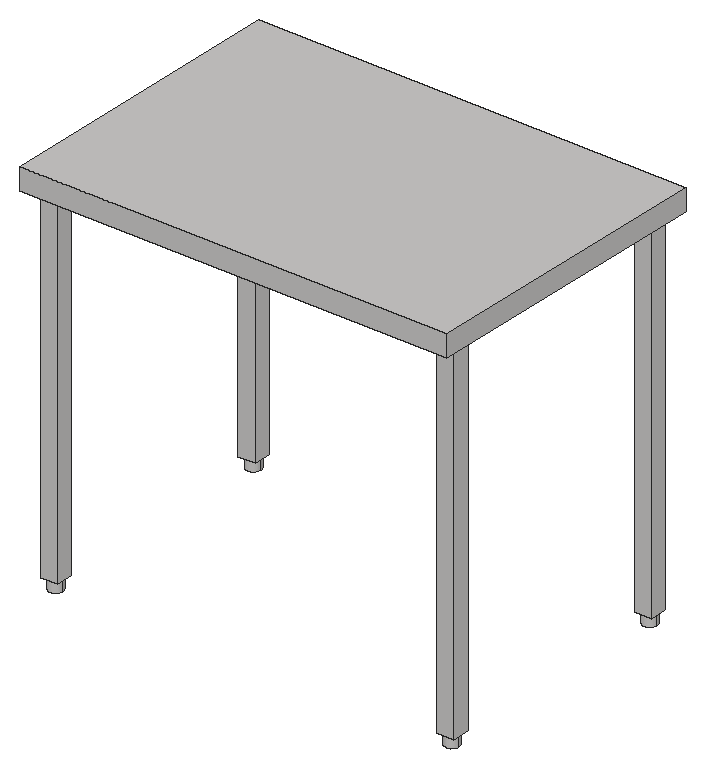
Revit family "QF_ELECTROLUXPROFESSIONAL_132839_WTD1007N", category Attrezzature speciali, Revit 2020
Family settings
  Quota connettore circolare = Usa diametro
  Tipo di parte = Normale
  Basato su piano di lavoro = No
  Sempre verticale = Sì
  Taglio con vuoti quando caricato = No
  Condiviso = No
  Punto di calcolo locali = No
Parameters (values of type "Standard")
  Weight = 37.00 kg
  Watts = 0 W
  Volts = 0 V
  URL Manufacturer = "https://www.electroluxprofessional.com/"
  URL = "https://www.electroluxprofessional.com/"
  Steam Supply Size = 0 mm
  Steam Supply Minimum Pressure = 0.0 Pa
  Steam Supply Maximum Pressure = 0.0 Pa
  Steam Consumption per Hour = 0
  Refrigeration Suction Line Size = 0.0 mm
  Refrigeration Liquid Line Size = 0.0 mm
  Refrigerant Compressor Remote = yes
  Prospetto di default = 0.0 mm
  Produttore = "Electrolux Professional"
  Phase = 0
  Modello = "WTD1007N"
  Length Actual = 1000.0 mm  # constant formula
  Item Number = "132839"
  Hot Water Size = 0 mm
  Height Actual = 900.0 mm  # constant formula
  HP = "0 HP"
  Gas Size = 0 mm
  Gas KW = 0
  Gas Input Pressure = 0 W
  Direct Waste Size = 0 mm
  Descrizione = "WORK TABLE-DISASSEMBLED 1000MM"
  Depth Actual = 700.0 mm  # constant formula
  Cycle = 0 Hz
  Condensate Return Size = 0 mm
  Compressed Air Volume = 0.0 L/s
  Compressed Air Size = 0 mm
  Compressed Air Pressure = 0.0 Pa
  Cold Water Size = 0 mm
  Accessory = yes
Reference planes
  plane 1 "Center (Front/Back)": y = 0
  plane 2: z = 0
  plane 3 "Center (Left/Right)": x = 0
  plane 4 "LEFT": x = -500
  plane 5 "RIGHT": x = 500
  plane 6 "BACK": y = 350
  plane 7 "FRONT": y = -350
  plane 8 "Base": z = 850
  plane 9 "TOP": z = 900
  plane 10: x = -464.5
  plane 11: x = 464.5
  plane 12: y = 290
  plane 13: y = -290
Forms (mm)
  Extrusion 1, solid, material "QF_Finishes_Stainless Steel"
    sketch origin (0, 0, 0) x (0, 1, 0) y (0, 0, 1)
      loop
        line (-350, 850) -> (350, 850) -> (350, 900) -> (-350, 900) -> (-350, 850)
    from 500 to -500
Lines and regions (mm)
  symbolic lines
    curve 1: line (500, 350, 900) -> (-500, 350, 900)
    curve 2: line (-500, 350, 900) -> (-500, -350, 900)
    curve 3: line (-500, -350, 900) -> (500, -350, 900)
    curve 4: line (500, -350, 900) -> (500, 350, 900)
Dimensions and locks
  plane 4 "LEFT" to plane 5 "RIGHT" = 1000.0 mm
  equal spacing: plane 4 "LEFT", plane 3 "Center (Left/Right)", plane 5 "RIGHT"
  locked: plane 8 "Base" to level at 850
  plane 4 "LEFT" to plane 10 = 35.5 mm
  plane 11 to plane 5 "RIGHT" = 35.5 mm
  plane 10 to plane 11 = 929.0 mm
  locked: plane 9 "TOP" to level at 900
  plane 6 "BACK" to plane 12 = 60.0 mm
  plane 13 to plane 7 "FRONT" = 60.0 mm
  plane 6 "BACK" to plane 7 "FRONT" = 700.0 mm
  plane 12 to plane 13 = 580.0 mm
  equal spacing: plane 6 "BACK", plane 1 "Center (Front/Back)", plane 7 "FRONT"
  aligned and locked: level to plane 2
  aligned and locked: plane 10 to nested 1
  aligned and locked: nested 1 to plane 13
  aligned and locked: plane 11 to nested 2
  aligned and locked: nested 2 to plane 13
  aligned and locked: plane 11 to nested 4
  aligned and locked: nested 4 to plane 12
  aligned and locked: plane 10 to nested 3
  aligned and locked: nested 3 to plane 12
  aligned and locked: Extrusion 1 to plane 4 "LEFT"
  aligned and locked: plane 5 "RIGHT" to Extrusion 1
  aligned and locked: curve 2 to plane 4 "LEFT"
Automatic sketch dimensions
  Extrusion 1 sketch curve to plane 7 "FRONT" = 0.0 mm
  Extrusion 1 sketch curve to plane 8 "Base" = 0.0 mm
  curve 3 to plane 7 "FRONT" = 0.0 mm
  curve 4 to plane 6 "BACK" = 0.0 mm
  Extrusion 1 sketch curve to plane 9 "TOP" = 0.0 mm
  Extrusion 1 sketch curve to plane 6 "BACK" = 0.0 mm
  curve 4 to plane 5 "RIGHT" = 0.0 mm
Nested families
  nested 1: "FEET_40x40" at (-464.5, -290, 0), type "FEET_40x40"
  nested 2: "FEET_40x40" at (464.5, -290, 0), type "FEET_40x40"
  nested 3: "FEET_40x40" at (-464.5, 290, 0), type "FEET_40x40"
  nested 4: "FEET_40x40" at (464.5, 290, 0), type "FEET_40x40"
Definition of nested family "FEET_40x40"
  Parameters
    Default Elevation = 0.0 mm
    FEET = 850.0 mm
  Reference planes
    plane 1 "Center (Front/Back)": y = 0
    plane 2: z = 0
    plane 3 "Center (Left/Right)": x = 0
    plane 4: z = 850
  Forms (mm)
    Extrusion 1, solid
      sketch origin (0, 0, 0) x (1, 0, 0) y (0, 1, 0)
        loop
          line (-20, -20) -> (20, -20) -> (20, 20) -> (-20, 20) -> (-20, -20)
      from 25 to 845
    Extrusion 2, solid
      sketch origin (0, 0, 0) x (1, 0, 0) y (0, 1, 0)
        loop
          circle (0, 0) r 16
      from 0 to 25
    Extrusion 3, solid
      sketch origin (0, 0, 0) x (1, 0, 0) y (0, 1, 0)
        loop
          line (30, 30) -> (-30, 30) -> (-30, -30) -> (30, -30) -> (30, 30)
      from 845 to 850
  Lines and regions (mm)
    symbolic lines
      curve 1: line (0, -1.503, 0) -> (0, 1.508, 0)
      curve 2: line (1.561, 0, 0) -> (-1.439, 0, 0)
  Dimensions and locks
    "FEET": plane 4 to plane 2
    aligned and locked: level to plane 2
  Automatic sketch dimensions
    Extrusion 1 sketch curve to plane 3 "Center (Left/Right)" = 20.0 mm
    plane 3 "Center (Left/Right)" to Extrusion 1 sketch curve = 20.0 mm
    plane 1 "Center (Front/Back)" to Extrusion 1 sketch curve = 20.0 mm
    Extrusion 1 sketch curve to plane 1 "Center (Front/Back)" = 20.0 mm
    plane 1 "Center (Front/Back)" to Extrusion 2 sketch curve = 0.0 mm
    Extrusion 2 sketch curve to plane 3 "Center (Left/Right)" = 0.0 mm
    plane 3 "Center (Left/Right)" to Extrusion 3 sketch curve = 30.0 mm
    Extrusion 3 sketch curve to plane 1 "Center (Front/Back)" = 30.0 mm
    Extrusion 3 sketch curve to plane 3 "Center (Left/Right)" = 30.0 mm
    plane 1 "Center (Front/Back)" to Extrusion 3 sketch curve = 30.0 mm
    plane 1 "Center (Front/Back)" to curve 2 = 0.0 mm
    curve 1 to plane 3 "Center (Left/Right)" = 0.0 mm
    curve 2 to plane 3 "Center (Left/Right)" = 1.439 mm
    plane 3 "Center (Left/Right)" to curve 2 = 1.561 mm
    plane 1 "Center (Front/Back)" to curve 1 = 1.503 mm
    curve 1 to plane 1 "Center (Front/Back)" = 1.508 mm
    radius of Extrusion 2 sketch curve = 16.0 mm
